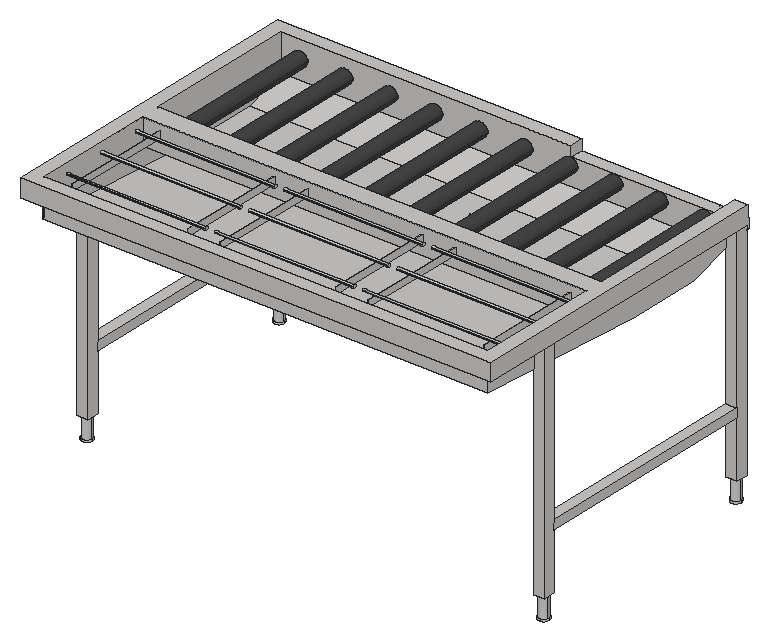
Revit family "QF_ELECTROLUXPROFESSIONAL_865261_HSMSF3LR", category Specialty Equipment, Revit 2018
Family settings
  Round Connector Dimension = Use Diameter
  Part Type = Normal
  Work Plane-Based = No
  Always vertical = Yes
  Cut with Voids When Loaded = No
  Shared = No
  Room Calculation Point = No
Parameters
  Weight = 0.00 kg
  Watts = 0 W
  Volts = 0 V
  URL Manufacturer = ""
  Steam Supply Size = 0 mm
  Steam Supply Minimum Pressure = 0.0 Pa
  Steam Supply Maximum Pressure = 0.0 Pa
  Steam Pounds per Hour = 0
  Refrigeration Suction Line Size = 0 mm
  Refrigeration Liquid Line Size = 0 mm
  Refrigerant Compressor Remote = yes
  Phase = 0
  Length Actual = 0 mm
  Item Number = ""
  Hot Water Size = 0 mm
  Height Actual = 0 mm
  HP = ""
  Gas Size = 0 mm
  Gas KW = 0
  Gas Input Pressure = 0 W
  Depth Actual = 0 mm
  Cycle = 0 Hz
  Condensate Return Size = 0 mm
  Compressed Air Volume = 0.0 L/s
  Compressed Air Size = 0 mm
  Compressed Air Pressure = 0.0 Pa
  Cold Water Size = 0 mm
  Accessory = yes
Reference planes
  plane 1: z = 0
  plane 2 "RIGHT": x = 300
  plane 3: z = 910
  plane 4: z = 0
  plane 5: z = 300
  plane 6 "BACK": y = 310
  plane 7 "FRONT": y = -800
  plane 8 "LEFT": x = -1320
  plane 9 "Center": x = -10
Forms (mm)
  Extrusion 1, solid, material "QF_Finishes_Stainless Steel"
    sketch origin (0, 0, 0) x (-1, 0, 0) y (0, -1, 0)
      loop
        line (1320, 800) -> (-300, 800) -> (-300, -310) -> (-255, -310) -> (-255, 755) -> (1275, 755) -> (1275, -265) -> (275, -265) -> (275, -310) -> (1320, -310) -> (1320, 800)
    from 850.091 to 910
  Extrusion 2, solid, material "QF_Finishes_Stainless Steel"
    sketch origin (0, 0, 0) x (0, 1, 0) y (0, 0, -1)
      loop
        line (-756.248, -850.091) -> (-755, -850.091) -> (-755, -784.848) -> (-131.111, -741.138) -> (130.374, -741.138) -> (265, -784.879) -> (265, -850.091) -> (266.249, -850.091) -> (266.249, -782.13) -> (130.849, -738.138) -> (-131.216, -738.138) -> (-756.248, -781.928) -> (-756.248, -850.091)
    from -255 to 1275
  Revolve 3, solid, material "QF_Finishes_Stainless Steel"
    sketch origin (-510, 0.526, -123.199) x (-1, 0, 0) y (0, 0, -1)
      loop
        line (76.494, -861.337) -> (76.494, -847.59)
        arc (76.494, -847.59) -> (75.89, -845.987) -> (74.39, -845.16) r 2.474
        arc (74.39, -845.16) -> (71.083, -841.301) -> (74.377, -837.43) r 3.913
        arc (74.377, -837.43) -> (75.887, -836.598) -> (76.494, -834.985) r 2.49
        line (76.494, -834.985) -> (76.494, -794.661)
        arc (76.494, -794.661) -> (65.844, -763.962) -> (38.457, -746.476) r 49.516
        line (38.457, -746.476) -> (38.457, -743.987) -> (37.25, -742.336) -> (37.25, -740.749) -> (23.47, -734.749) -> (23.47, -698.838) -> (21.946, -697.377) -> (0, -697.377) -> (0, -861.337) -> (76.494, -861.337)
      axis (0, -861.337) -> (0, -697.377)
    angle from 0 to 360
  Extrusion 4, solid, material "QF_Finishes_Stainless Steel"
    sketch origin (0, 0, 0) x (-1, 0, 0) y (0, -1, 0)
      loop
        line (-255, 330.124) -> (-255, 265) -> (1275, 265) -> (1275, 330.124) -> (-255, 330.124)
    from 820 to 910
  Extrusion 5, solid, material "QF_Finishes_Stainless Steel"
    sketch origin (6.015, 0, -602.691) x (-1, 0, 0) y (0, -1, 0)
      loop
        line (1283.015, -266.249) -> (1323.015, -266.249) -> (1323.015, 521.738) -> (1283.015, 521.738) -> (1283.015, -266.249)
    from 872.691 to 902.691
  Extrusion 6, solid, material "QF_Finishes_Stainless Steel"
    sketch origin (-1277, 0, 0) x (0, 1, 0) y (0, 0, -1)
      loop
        line (-756.248, -781.928) -> (-756.248, -850.091) -> (266.249, -850.091) -> (266.249, -782.13) -> (130.849, -738.138) -> (-131.216, -738.138) -> (-756.248, -781.928)
    from 0 to -2
  Extrusion 7, solid, material "QF_Finishes_Stainless Steel"
    sketch origin (257, 0, 0) x (0, 1, 0) y (0, 0, 1)
      loop
        line (-756.248, 850.091) -> (-756.248, 781.928) -> (-131.216, 738.138) -> (130.849, 738.138) -> (266.249, 782.13) -> (266.249, 850.091) -> (-756.248, 850.091)
    from 0 to -2
  Extrusion 8, solid, material "QF_Finishes_Stainless Steel"
    sketch origin (-1026, 0.054, -598.981) x (1, 0, 0) y (0, 1, 0)
      loop
        line (1283, 266.195) -> (1283, -521.792) -> (1323, -521.792) -> (1323, 266.195) -> (1283, 266.195)
    from 869.081 to 898.981
  Extrusion 9, solid, material "QF_Finishes_Black"
    sketch origin (0, -2.5, 0) x (-1, 0, 0) y (0, 0, 1)
      loop
        circle (1207.529, 850.047) r 25
      loop
        circle (1052.523, 850.047) r 25
      loop
        circle (897.516, 850.047) r 25
      loop
        circle (742.51, 850.047) r 25
      loop
        circle (587.503, 850.047) r 25
      loop
        circle (432.497, 850.047) r 25
      loop
        circle (277.49, 850.047) r 25
      loop
        circle (122.484, 850.047) r 25
      loop
        circle (-32.523, 850.047) r 25
      loop
        circle (-187.529, 850.047) r 25
    from -262.5 to 267.5
  Extrusion 10, solid, material "QF_Finishes_Stainless Steel"
    sketch origin (0, -7.263, 2.863) x (-1, 0, 0) y (0, -1, 0)
      loop
        line (-200.029, 694.438) -> (-200.029, 322.861) -> (-196.981, 322.861) -> (-196.981, 694.438) -> (-200.029, 694.438)
      loop
        line (196.981, 694.438) -> (196.981, 322.861) -> (200.029, 322.861) -> (200.029, 694.438) -> (196.981, 694.438)
      loop
        line (1220.049, 694.438) -> (1217.001, 694.438) -> (1217.001, 322.861) -> (1220.049, 322.861) -> (1220.049, 694.438)
      loop
        line (823.039, 694.438) -> (819.991, 694.438) -> (819.991, 322.861) -> (823.039, 322.861) -> (823.039, 694.438)
      loop
        line (710.007, 694.438) -> (707.023, 694.438) -> (707.023, 322.861) -> (710.007, 322.861) -> (710.007, 694.438)
      loop
        line (312.997, 694.438) -> (310.013, 694.438) -> (310.013, 322.861) -> (312.997, 322.861) -> (312.997, 694.438)
    from 860 to 881.896
  Extrusion 11, solid, material "QF_Finishes_Stainless Steel"
    sketch origin (-2327.512, 265, 0) x (0, 1, 0) y (0, 0, 1)
      loop
        circle (-937.158, 888.745) r 3.985
      loop
        circle (-788.819, 888.745) r 3.985
      loop
        circle (-640.48, 888.745) r 3.985
    from 1067.5 to 1547.5
  Extrusion 12, solid, material "QF_Finishes_Stainless Steel"
    sketch origin (-1817.533, 265, 0) x (0, 1, 0) y (0, 0, 1)
      loop
        circle (-937.158, 888.745) r 3.985
      loop
        circle (-788.819, 888.745) r 3.985
      loop
        circle (-640.48, 888.745) r 3.985
    from 1067.5 to 1547.5
  Extrusion 13, solid, material "QF_Finishes_Stainless Steel"
    sketch origin (-1307.491, 265, 0) x (0, 1, 0) y (0, 0, 1)
      loop
        circle (-937.158, 888.745) r 3.985
      loop
        circle (-788.819, 888.745) r 3.985
      loop
        circle (-640.48, 888.745) r 3.985
    from 1067.5 to 1547.5
  Extrusion 14, solid, material "QF_Finishes_Stainless Steel"
    sketch origin (-62.5, 757.022, 0) x (-1, 0, 0) y (0, 0, 1)
      loop
        line (-362.5, 835) -> (-347.5, 820) -> (242.5, 820) -> (257.5, 835) -> (257.5, 850.091) -> (212.5, 850.091) -> (212.5, 875) -> (-317.5, 875) -> (-317.5, 850.091) -> (-362.5, 850.091) -> (-362.5, 835)
    from -450 to -447.022
  Extrusion 15, solid, material "QF_Finishes_Stainless Steel"
    sketch origin (-275, -2290.751, 0) x (0, 1, 0) y (0, 0, 1)
      loop
        line (2597.773, 875) -> (2557, 875) -> (2557, 872) -> (2597.773, 872) -> (2597.773, 875)
    from 0 to 530
  Extrusion 16, solid, material "QF_Finishes_Stainless Steel"
    sketch origin (-62.5, 713.272, 0) x (-1, 0, 0) y (0, 0, 1)
      loop
        line (-317.5, 850.091) -> (212.5, 850.091) -> (212.5, 875) -> (-317.5, 875) -> (-317.5, 850.091)
    from -448.272 to -447.022
Cuts and joins
  joined: Extrusion 1, Extrusion 2, Revolve 3, Extrusion 4, Extrusion 6, Extrusion 7, Extrusion 10, Extrusion 11, Extrusion 12, Extrusion 13, Extrusion 14, Extrusion 15, Extrusion 16
Lines and regions (mm)
  Split face 1
    outline origin (-386.315, -0.079, 741.138) x (-1, 0, 0) y (0, -1, 0)
      loop
        circle (123.685, -0.035) r 73.783
  Split face 2
    outline origin (-386.315, -0.079, 741.138) x (-1, 0, 0) y (0, -1, 0)
      loop
        circle (123.685, -0.035) r 66.01
  Split face 3
    outline origin (-386.315, -0.079, 741.138) x (-1, 0, 0) y (0, -1, 0)
      loop
        circle (123.685, -0.035) r 53.774
  Split face 4
    outline origin (-386.315, -0.079, 741.138) x (-1, 0, 0) y (0, -1, 0)
      loop
        circle (123.685, -0.035) r 50.771
  Split face 5
    outline origin (-386.315, -0.079, 741.138) x (-1, 0, 0) y (0, -1, 0)
      loop
        circle (123.685, -0.035) r 33.793
  Split face 6
    outline origin (-386.315, -0.079, 741.138) x (-1, 0, 0) y (0, -1, 0)
      loop
        circle (123.685, -0.035) r 30.826
  Split face 7
    outline origin (-386.315, -0.079, 741.138) x (-1, 0, 0) y (0, -1, 0)
      loop
        circle (123.685, -0.035) r 13.843
  Split face 8
    outline origin (-386.315, -0.079, 741.138) x (-1, 0, 0) y (0, -1, 0)
      loop
        circle (123.685, -0.035) r 10.833
  symbolic lines
    curve 1: line (-1320, 310, 0) -> (300, 310, 0)
    curve 2: line (-1320, -800, 0) -> (-1320, 310, 0)
    curve 3: line (300, -800, 0) -> (-1320, -800, 0)
    curve 4: line (300, 310, 0) -> (300, -800, 0)
    curve 5: line (-1275, 265, 0) -> (255, 265, 0)
    curve 6: line (-1275, -755, 0) -> (-1275, 265, 0)
    curve 7: line (255, -755, 0) -> (-1275, -755, 0)
    curve 8: line (-1275, -265, 0) -> (255, -265, 0)
    curve 9: line (255, -330.124, 0) -> (-1275, -330.124, 0)
    curve 10: line (-1260.012, -371.495, 0) -> (-1260.012, -379.465, 0)
    curve 11: line (-1260.012, -379.465, 0) -> (-780.012, -379.465, 0)
    curve 12: line (-780.012, -379.465, 0) -> (-780.012, -371.495, 0)
    curve 13: line (-780.012, -371.495, 0) -> (-1260.012, -371.495, 0)
    curve 14: line (-1260.012, -519.834, 0) -> (-1260.012, -527.804, 0)
    curve 15: line (-1260.012, -527.804, 0) -> (-780.012, -527.804, 0)
    curve 16: line (-780.012, -527.804, 0) -> (-780.012, -519.834, 0)
    curve 17: line (-780.012, -519.834, 0) -> (-1260.012, -519.834, 0)
    curve 18: line (-1260.012, -668.173, 0) -> (-1260.012, -676.143, 0)
    curve 19: line (-1260.012, -676.143, 0) -> (-780.012, -676.143, 0)
    curve 20: line (-780.012, -676.143, 0) -> (-780.012, -668.173, 0)
    curve 21: line (-780.012, -668.173, 0) -> (-1260.012, -668.173, 0)
    curve 22: line (-1220.049, -330.124, 0) -> (-1220.049, -371.495, 0)
    curve 23: line (-1217.001, -330.124, 0) -> (-1217.001, -371.495, 0)
    curve 24: line (-1220.049, -379.465, 0) -> (-1220.049, -519.834, 0)
    curve 25: line (-1220.049, -701.7, 0) -> (-1220.049, -676.143, 0)
    curve 26: line (-1220.049, -701.7, 0) -> (-1217.001, -701.7, 0)
    curve 27: line (-1217.001, -701.7, 0) -> (-1217.001, -676.143, 0)
    curve 28: line (-1220.049, -668.173, 0) -> (-1220.049, -527.804, 0)
    curve 29: line (-1217.001, -527.804, 0) -> (-1217.001, -668.173, 0)
    curve 30: line (-1217.001, -519.834, 0) -> (-1217.001, -379.465, 0)
    curve 31: line (-823.039, -330.124, 0) -> (-823.039, -371.495, 0)
    curve 32: line (-819.992, -330.124, 0) -> (-819.992, -371.495, 0)
    curve 33: line (-823.039, -379.465, 0) -> (-823.039, -519.834, 0)
    curve 34: line (-823.039, -701.7, 0) -> (-823.039, -676.143, 0)
    curve 35: line (-823.039, -701.7, 0) -> (-819.992, -701.7, 0)
    curve 36: line (-819.992, -701.7, 0) -> (-819.992, -676.143, 0)
    curve 37: line (-823.039, -668.173, 0) -> (-823.039, -527.804, 0)
    curve 38: line (-819.992, -527.804, 0) -> (-819.992, -668.173, 0)
    curve 39: line (-819.992, -519.834, 0) -> (-819.992, -379.465, 0)
    curve 40: line (-750.033, -371.495, 0) -> (-750.033, -379.465, 0)
    curve 41: line (-750.033, -379.465, 0) -> (-270.033, -379.465, 0)
    curve 42: line (-270.033, -379.465, 0) -> (-270.033, -371.495, 0)
    curve 43: line (-270.033, -371.495, 0) -> (-750.033, -371.495, 0)
    curve 44: line (-750.033, -519.834, 0) -> (-750.033, -527.804, 0)
    curve 45: line (-750.033, -527.804, 0) -> (-270.033, -527.804, 0)
    curve 46: line (-270.033, -527.804, 0) -> (-270.033, -519.834, 0)
    curve 47: line (-270.033, -519.834, 0) -> (-750.033, -519.834, 0)
    curve 48: line (-750.033, -668.173, 0) -> (-750.033, -676.143, 0)
    curve 49: line (-750.033, -676.143, 0) -> (-270.033, -676.143, 0)
    curve 50: line (-270.033, -676.143, 0) -> (-270.033, -668.173, 0)
    curve 51: line (-270.033, -668.173, 0) -> (-750.033, -668.173, 0)
    curve 52: line (-710.071, -330.124, 0) -> (-710.071, -371.495, 0)
    curve 53: line (-707.023, -330.124, 0) -> (-707.023, -371.495, 0)
    curve 54: line (-710.071, -379.465, 0) -> (-710.071, -519.834, 0)
    curve 55: line (-710.071, -701.7, 0) -> (-710.071, -676.143, 0)
    curve 56: line (-710.071, -701.7, 0) -> (-707.023, -701.7, 0)
    curve 57: line (-707.023, -701.7, 0) -> (-707.023, -676.143, 0)
    curve 58: line (-710.071, -668.173, 0) -> (-710.071, -527.804, 0)
    curve 59: line (-707.023, -527.804, 0) -> (-707.023, -668.173, 0)
    curve 60: line (-707.023, -519.834, 0) -> (-707.023, -379.465, 0)
    curve 61: line (-313.061, -330.124, 0) -> (-313.061, -371.495, 0)
    curve 62: line (-310.013, -330.124, 0) -> (-310.013, -371.495, 0)
    curve 63: line (-313.061, -379.465, 0) -> (-313.061, -519.834, 0)
    curve 64: line (-313.061, -701.7, 0) -> (-313.061, -676.143, 0)
    curve 65: line (-313.061, -701.7, 0) -> (-310.013, -701.7, 0)
    curve 66: line (-310.013, -701.7, 0) -> (-310.013, -676.143, 0)
    curve 67: line (-313.061, -668.173, 0) -> (-313.061, -527.804, 0)
    curve 68: line (-310.013, -527.804, 0) -> (-310.013, -668.173, 0)
    curve 69: line (-310.013, -519.834, 0) -> (-310.013, -379.465, 0)
    curve 70: line (-239.991, -371.495, 0) -> (-239.991, -379.465, 0)
    curve 71: line (-239.991, -379.465, 0) -> (240.009, -379.465, 0)
    curve 72: line (240.009, -379.465, 0) -> (240.009, -371.495, 0)
    curve 73: line (240.009, -371.495, 0) -> (-239.991, -371.495, 0)
    curve 74: line (-239.991, -519.834, 0) -> (-239.991, -527.804, 0)
    curve 75: line (-239.991, -527.804, 0) -> (240.009, -527.804, 0)
    curve 76: line (240.009, -527.804, 0) -> (240.009, -519.834, 0)
    curve 77: line (240.009, -519.834, 0) -> (-239.991, -519.834, 0)
    curve 78: line (-239.991, -668.173, 0) -> (-239.991, -676.143, 0)
    curve 79: line (-239.991, -676.143, 0) -> (240.009, -676.143, 0)
    curve 80: line (240.009, -676.143, 0) -> (240.009, -668.173, 0)
    curve 81: line (240.009, -668.173, 0) -> (-239.991, -668.173, 0)
    curve 82: line (-200.029, -330.124, 0) -> (-200.029, -371.495, 0)
    curve 83: line (-196.981, -330.124, 0) -> (-196.981, -371.495, 0)
    curve 84: line (-200.029, -379.465, 0) -> (-200.029, -519.834, 0)
    curve 85: line (-200.029, -701.7, 0) -> (-200.029, -676.143, 0)
    curve 86: line (-200.029, -701.7, 0) -> (-196.981, -701.7, 0)
    curve 87: line (-196.981, -701.7, 0) -> (-196.981, -676.143, 0)
    curve 88: line (-200.029, -668.173, 0) -> (-200.029, -527.804, 0)
    curve 89: line (-196.981, -527.804, 0) -> (-196.981, -668.173, 0)
    curve 90: line (-196.981, -519.834, 0) -> (-196.981, -379.465, 0)
    curve 91: line (196.981, -330.124, 0) -> (196.981, -371.495, 0)
    curve 92: line (200.029, -330.124, 0) -> (200.029, -371.495, 0)
    curve 93: line (196.981, -379.465, 0) -> (196.981, -519.834, 0)
    curve 94: line (196.981, -701.7, 0) -> (196.981, -676.143, 0)
    curve 95: line (196.981, -701.7, 0) -> (200.029, -701.7, 0)
    curve 96: line (200.029, -701.7, 0) -> (200.029, -676.143, 0)
    curve 97: line (196.981, -668.173, 0) -> (196.981, -527.804, 0)
    curve 98: line (200.029, -527.804, 0) -> (200.029, -668.173, 0)
    curve 99: line (200.029, -519.834, 0) -> (200.029, -379.465, 0)
    curve 100: line (-1232.529, 265, 0) -> (-1232.529, -265, 0)
    curve 101: line (-1182.529, -265, 0) -> (-1182.529, 265, 0)
    curve 102: line (-1077.523, 265, 0) -> (-1077.523, -265, 0)
    curve 103: line (-1027.523, -265, 0) -> (-1027.523, 265, 0)
    curve 104: line (-922.516, 265, 0) -> (-922.516, -265, 0)
    curve 105: line (-872.516, -265, 0) -> (-872.516, 265, 0)
    curve 106: line (-767.51, 265, 0) -> (-767.51, -265, 0)
    curve 107: line (-717.51, -265, 0) -> (-717.51, 265, 0)
    curve 108: line (-612.503, 265, 0) -> (-612.503, -265, 0)
    curve 109: line (-562.503, -265, 0) -> (-562.503, 265, 0)
    curve 110: line (-457.497, 265, 0) -> (-457.497, -265, 0)
    curve 111: line (-407.497, -265, 0) -> (-407.497, 265, 0)
    curve 112: line (-302.49, 265, 0) -> (-302.49, -265, 0)
    curve 113: line (-252.49, -265, 0) -> (-252.49, 265, 0)
    curve 114: line (-147.484, 265, 0) -> (-147.484, -265, 0)
    curve 115: line (-97.484, -265, 0) -> (-97.484, 265, 0)
    curve 116: line (7.523, 265, 0) -> (7.523, -265, 0)
    curve 117: line (57.523, -265, 0) -> (57.523, 265, 0)
    curve 118: line (162.529, 265, 0) -> (162.529, -265, 0)
    curve 119: line (212.529, -265, 0) -> (212.529, 265, 0)
    curve 120: line (255, -755, 0) -> (255, -330.124, 0)
    curve 121: line (255, 310, 0) -> (255, -265, 0)
    curve 122: line (-275, 265, 0) -> (-275, 310, 0)
    curve 123: line (-10, 310, 0) -> (-10, 280, 0)
    curve 124: arc (-586.496, 0.526, 0) -> (-510, 77.021, 0) -> (-433.504, 0.526, 0) r 76.496
    curve 125: arc (-433.504, 0.526, 0) -> (-510, -75.97, 0) -> (-586.496, 0.526, 0) r 76.496
    curve 126: arc (-488.054, 0.526, 0) -> (-510, 22.472, 0) -> (-531.946, 0.526, 0) r 21.946
    curve 127: arc (-531.946, 0.526, 0) -> (-510, -21.421, 0) -> (-488.054, 0.526, 0) r 21.946
Dimensions and locks
  plane 3 to level = 910 mm
  plane 8 "LEFT" to plane 2 "RIGHT" = 1620 mm
  aligned and locked: level to plane 1
Nested families
  nested 1: "Foot_40x40" at (-1297, -541.738, 0), type "Foot_40x40"
    with A 850.091 mm
  nested 2: "Foot_40x40" at (-1297, 286.249, 0), type "Foot_40x40"
    with A 850.091 mm
  nested 3: "Foot_40x40" at (277, -541.738, 0) x (-1, 0, 0) z (0, 0, 1), type "Foot_40x40"
    with A 850.091 mm
  nested 4: "Foot_40x40" at (277, 286.249, 0) x (-1, 0, 0) z (0, 0, 1), type "Foot_40x40"
    with A 850.091 mm
Connectors
  piping at (-510, 0.526, 574.178), diameter 30
    settings: on cut or joined group of Extrusion 1, Extrusion 2, Revolve 3, Extrusion 4, Extrusion 6, Extrusion 7, Extrusion 10, Extrusion 11, Extrusion 12, Extrusion 13, Extrusion 14, Extrusion 15, Extrusion 16, index 1, connector inside diameter 609.6 mm, connector length 0 mm, flow factor 0, pipe flow 0.0 L/s, pressure drop 0.0 Pa, fitting loss kfactor 0, connector angle 0.00°, fixture units 0, engagement length 0 mm, angle of deflection 0.00°, flow configuration 1, flow direction 2, fitting loss method 0, system type 16, joint type 0, gender type 0, connector reference index -1, connector utility 0, adjustable connector no, is connector primary yes, connector description "Drain"
Definition of nested family "Foot_40x40"
  Parameters
    A [instance] = 850 mm
  Reference planes
    plane 1 "Centro (Fronte/Retro)": y = 0
    plane 2: z = 0
    plane 3 "Centro (Sinistra/Destra)": x = 0
    plane 4: z = 850
  Forms (mm)
    Extrusion 1, solid
      sketch origin (0, 0, 0) x (1, 0, 0) y (0, 1, 0)
        loop
          circle (0, 0) r 18
      from 0 to 5
    Extrusion 2, solid
      sketch origin (0, 0, 5) x (1, 0, 0) y (0, 1, 0)
        loop
          circle (0, 0) r 15
      from 0 to 70
    Extrusion 3, solid
      sketch origin (0, 0, 75) x (1, 0, 0) y (0, 1, 0)
        loop
          line (-20, 20) -> (-20, -20) -> (20, -20) -> (20, 20) -> (-20, 20)
      from 0 to 775
  Dimensions and locks
    "A": plane 4 to plane 2
    aligned and locked: level to plane 2
    aligned and locked: plane 4 to Extrusion 3
    aligned and locked: Extrusion 1 to level
  Automatic sketch dimensions
    plane 1 "Centro (Fronte/Retro)" to Extrusion 1 sketch curve = 0 mm
    Extrusion 1 sketch curve to plane 3 "Centro (Sinistra/Destra)" = 0 mm
    Extrusion 3 sketch curve to Extrusion 3 sketch curve = 40 mm  (x2)
    radius of Extrusion 1 sketch curve = 18 mm
    radius of Extrusion 2 sketch curve to Extrusion 1 = 3 mm
